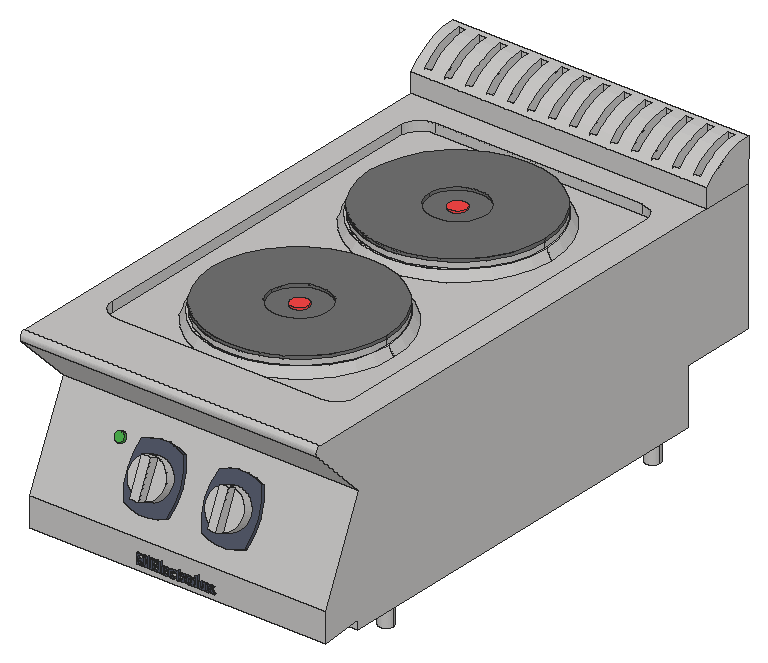
Revit family "QF_ELECTROLUXPROFESSIONAL_371146_E7ECMD2R05", category Specialty Equipment, Revit 2018 (continued)
Definition of nested family "371014_QF_Electrolux_HOT PLATES"
  Reference planes
    plane 7 "Center Y": x = 127.5
    plane 8 "Center X": y = -127.5
  Forms (mm)
    Extrusion 1, solid
      sketch origin (-72.525, 113.875, 19.181) x (1, 0, 0) y (0, 1, 0)
        loop
          circle (200.025, -241.375) r 117.925
        loop
          circle (200.025, -241.375) r 38.208
      from 0 to 3.819
    Extrusion 2, solid
      sketch origin (-72.525, 113.875, 19.181) x (1, 0, 0) y (0, 1, 0)
        loop
          circle (200.025, -241.375) r 11.669
      from 0 to 1.964
    Extrusion 3, solid
      sketch origin (-72.525, 113.875, 12.7) x (1, 0, 0) y (0, 1, 0)
        loop
          circle (200.025, -241.375) r 38.208
      from 0 to 6.481
    Blend 4, solid
      base sketch origin (-72.525, 113.875, 0) x (1, 0, 0) y (0, 1, 0)
        loop
          circle (200.025, -241.375) r 127.548
      top sketch origin (-72.525, 113.875, 0) x (1, 0, 0) y (0, 1, 0)
        loop
          circle (200.025, -241.375) r 120.402
      from 0 to 11.731
    Extrusion 5, solid
      sketch origin (-72.525, 113.875, 11.731) x (1, 0, 0) y (0, 1, 0)
        loop
          circle (200.025, -241.375) r 117.925
        loop
          circle (200.025, -241.375) r 39.808
      from 0 to 7.45
  Lines and regions (mm)
    symbolic lines
      curve 1: circle (127.5, -127.5, 0) r 11.669 normal (0, 0, 1)
      curve 2: circle (127.5, -127.5, 0) r 38.208 normal (0, 0, 1)
      curve 3: circle (127.5, -127.5, 0) r 120.402 normal (0, 0, 1)
      curve 4: circle (127.5, -127.5, 0) r 127.548 normal (0, 0, 1)
  Dimensions and locks
    equal spacing: plane 3 "LEFT", plane 7 "Center Y", plane 4 "RIGHT"
    "Width": plane 3 "LEFT" to plane 4 "RIGHT"
    equal spacing: plane 5 "FRONT", plane 8 "Center X", plane 1 "BACK"
    "Depth": plane 5 "FRONT" to plane 1 "BACK"
    plane 1 "BACK" to plane 5 "FRONT" = 255 mm
    "Height": plane 6 "TOP" to level
    aligned and locked: level to plane 2
  Automatic sketch dimensions
    Extrusion 3 sketch curve to plane 7 "Center Y" = 0 mm
    Extrusion 3 sketch curve to plane 8 "Center X" = 0 mm
    Blend 4 sketch curve to plane 7 "Center Y" = 0 mm  (x2)
    Blend 4 sketch curve to plane 8 "Center X" = 0 mm  (x2)
    curve 1 to curve 2 = 0 mm  (x2)
    curve 1 to curve 3 = 0 mm  (x2)
    curve 1 to curve 4 = 0 mm  (x2)
    curve 2 to curve 3 = 0 mm  (x2)
    curve 2 to curve 4 = 0 mm  (x2)
    curve 3 to curve 4 = 0 mm  (x2)
    curve 2 to plane 7 "Center Y" = 0 mm
    curve 2 to plane 8 "Center X" = 0 mm
    radius of Extrusion 1 sketch curve to Extrusion 5 = 0 mm
    radius of Extrusion 1 sketch curve to Extrusion 5 = 1.6 mm
    radius of Extrusion 2 sketch curve to Extrusion 3 = 26.539 mm
    radius of Extrusion 3 sketch curve = 38.208 mm
    radius of Blend 4 sketch curve = 127.548 mm
    radius of Blend 4 sketch curve = 120.402 mm
    radius of Extrusion 5 sketch curve to Blend 4 = 2.478 mm
    radius of Extrusion 5 sketch curve to Blend 4 = 80.594 mm
    radius of curve 1 = 11.669 mm
    radius of curve 2 = 38.208 mm
    radius of curve 3 = 120.402 mm
    radius of curve 4 = 127.548 mm
